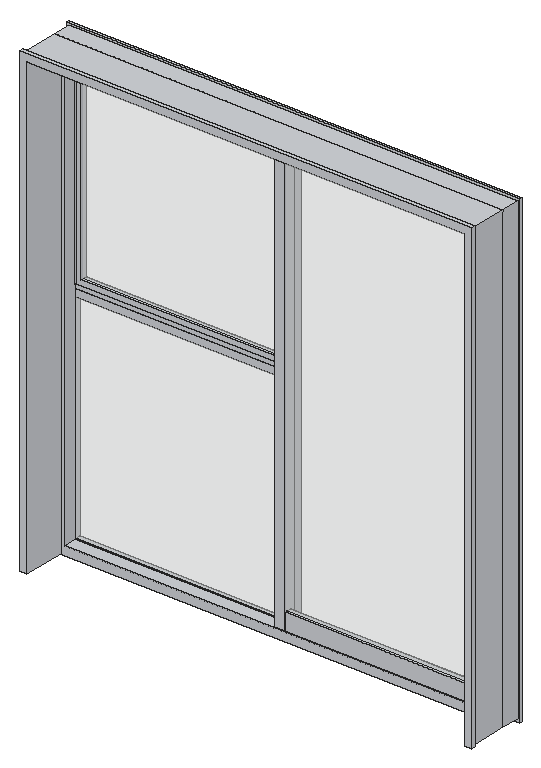
Revit family "APL Residential Thermal Heart Sliding Door SF with Sidelight", category Doors, host Wall, Revit 2017 (continued)
Definition of nested family "APL Residential Thermal Heart Sliding Door SF with Sidelight Horizontal Section"
  Definition of nested family "Jamb&Sash"
    Definition of nested family "65400_Jamb Fixed"
      Lines and regions (mm)
        detail lines, in view "Ref. Level"
          curve 172: line (70, 0, 0) -> (42.7, 0, 0)
          curve 173: line (42.5, 0.2, 0) -> (42.5, 1.75, 0)
          curve 174: line (43.5, 1.75, 0) -> (43.5, 1.2, 0)
          curve 175: line (43.7, 1, 0) -> (44.8, 1, 0)
          curve 176: line (45, 1.2, 0) -> (45, 6.3, 0)
          curve 177: line (44.8, 6.5, 0) -> (43.7, 6.5, 0)
          curve 178: line (43.5, 6.3, 0) -> (43.5, 5.75, 0)
          curve 179: line (42.5, 5.75, 0) -> (42.5, 6.5, 0)
          curve 180: line (43.5, 7.5, 0) -> (44.395, 7.5, 0)
          curve 181: line (44.6, 7.7, 0) -> (44.6, 18.8, 0)
          curve 182: line (44.395, 19, 0) -> (34.3, 19, 0)
          curve 183: line (34.3, 19, 0) -> (33.9, 19.4, 0)
          curve 184: line (33.9, 19.4, 0) -> (33.5, 19, 0)
          curve 185: line (33.5, 19, 0) -> (26.583, 19, 0)
          curve 186: line (25.813, 18.732, 0) -> (24.403, 18.218, 0)
          curve 187: line (24.001, 18.526, 0) -> (24.208, 20.892, 0)
          curve 188: line (24.295, 21.078, 0) -> (24.659, 21.441, 0)
          curve 189: line (24.993, 21.352, 0) -> (25.038, 21.184, 0)
          curve 190: line (25.179, 21.043, 0) -> (27.312, 20.472, 0)
          curve 191: line (27.5, 21.247, 0) -> (27.5, 24.475, 0)
          curve 192: line (27.5, 24.5, 0) -> (27.694, 25.25, 0)
          curve 193: line (27.5, 25.5, 0) -> (26.979, 25.5, 0)
          curve 194: line (26.823, 25.456, 0) -> (25.569, 24.691, 0)
          curve 195: line (25, 24.55, 0) -> (25, 26.126, 0)
          curve 196: line (25.479, 26.979, 0) -> (26.284, 27.471, 0)
          curve 197: line (26.389, 27.5, 0) -> (27.5, 27.5, 0)
          curve 198: line (27.5, 27.5, 0) -> (27.5, 34.3, 0)
          curve 199: arc (27.5, 34.3, 0) -> (27.447, 34.435, 0) -> (27.317, 34.499, 0) r 0.2
          curve 200: arc (70.2, 32.6, 0) -> (70.317, 32.883, 0) -> (70.6, 33, 0) r 0.4
          curve 201: arc (70.893, 33, 0) -> (70.996, 32.986, 0) -> (71.093, 32.946, 0) r 0.4
          curve 202: arc (72.621, 32.061, 0) -> (72.911, 31.941, 0) -> (73.222, 31.9, 0) r 1.2
          curve 203: arc (74.145, 31.9, 0) -> (74.718, 31.719, 0) -> (75.084, 31.242, 0) r 1
          curve 204: arc (75.877, 29.063, 0) -> (76.024, 28.872, 0) -> (76.253, 28.8, 0) r 0.4
          curve 205: arc (78.947, 28.8, 0) -> (79.176, 28.872, 0) -> (79.323, 29.063, 0) r 0.4
          curve 206: arc (80.116, 31.242, 0) -> (80.482, 31.719, 0) -> (81.055, 31.9, 0) r 1
          curve 207: arc (81.978, 31.9, 0) -> (82.289, 31.941, 0) -> (82.579, 32.061, 0) r 1.2
          curve 208: arc (84.107, 32.946, 0) -> (84.204, 32.986, 0) -> (84.307, 33, 0) r 0.4
          curve 209: arc (84.6, 33, 0) -> (84.883, 32.883, 0) -> (85, 32.6, 0) r 0.4
          curve 210: arc (85, 29.2, 0) -> (84.883, 28.917, 0) -> (84.6, 28.8, 0) r 0.4
          curve 211: arc (84.307, 28.8, 0) -> (84.204, 28.814, 0) -> (84.107, 28.854, 0) r 0.4
          curve 212: arc (82.579, 29.739, 0) -> (82.285, 29.86, 0) -> (81.97, 29.9, 0) r 1.2
          curve 213: arc (81.97, 29.9, 0) -> (81.795, 29.847, 0) -> (81.684, 29.703, 0) r 0.3
          curve 214: arc (80.796, 27.263, 0) -> (80.649, 27.072, 0) -> (80.42, 27, 0) r 0.4
          curve 215: arc (74.78, 27, 0) -> (74.551, 27.072, 0) -> (74.404, 27.263, 0) r 0.4
          curve 216: arc (73.516, 29.703, 0) -> (73.405, 29.847, 0) -> (73.23, 29.9, 0) r 0.3
          curve 217: arc (73.23, 29.9, 0) -> (72.915, 29.86, 0) -> (72.621, 29.739, 0) r 1.2
          curve 218: arc (71.093, 28.854, 0) -> (70.996, 28.814, 0) -> (70.893, 28.8, 0) r 0.4
          curve 219: arc (70.6, 28.8, 0) -> (70.317, 28.917, 0) -> (70.2, 29.2, 0) r 0.4
          curve 220: line (70.6, 33, 0) -> (70.893, 33, 0)
          curve 221: line (71.093, 32.946, 0) -> (72.621, 32.061, 0)
          curve 222: line (73.222, 31.9, 0) -> (74.145, 31.9, 0)
          curve 223: line (75.084, 31.242, 0) -> (75.877, 29.063, 0)
          curve 224: line (76.253, 28.8, 0) -> (78.947, 28.8, 0)
          curve 225: line (79.323, 29.063, 0) -> (80.116, 31.242, 0)
          curve 226: line (81.055, 31.9, 0) -> (81.978, 31.9, 0)
          curve 227: line (82.579, 32.061, 0) -> (84.107, 32.946, 0)
          curve 228: line (84.307, 33, 0) -> (84.6, 33, 0)
          curve 229: line (85, 32.6, 0) -> (85, 29.2, 0)
          curve 230: line (84.6, 28.8, 0) -> (84.307, 28.8, 0)
          curve 231: line (84.107, 28.854, 0) -> (82.579, 29.739, 0)
          curve 232: line (81.684, 29.703, 0) -> (80.796, 27.263, 0)
          curve 233: line (80.42, 27, 0) -> (74.78, 27, 0)
          curve 234: line (74.404, 27.263, 0) -> (73.516, 29.703, 0)
          curve 235: line (72.621, 29.739, 0) -> (71.093, 28.854, 0)
          curve 236: line (70.893, 28.8, 0) -> (70.6, 28.8, 0)
          curve 237: line (70.2, 29.2, 0) -> (70.2, 32.6, 0)
          curve 238: arc (70.2, 37.4, 0) -> (70.317, 37.117, 0) -> (70.6, 37, 0) r 0.4
          curve 239: arc (70.893, 37, 0) -> (70.996, 37.014, 0) -> (71.093, 37.054, 0) r 0.4
          curve 240: arc (72.621, 37.939, 0) -> (72.911, 38.059, 0) -> (73.222, 38.1, 0) r 1.2
          curve 241: arc (74.145, 38.1, 0) -> (74.718, 38.281, 0) -> (75.084, 38.758, 0) r 1
          curve 242: arc (75.877, 40.937, 0) -> (76.024, 41.128, 0) -> (76.253, 41.2, 0) r 0.4
          curve 243: arc (78.947, 41.2, 0) -> (79.176, 41.128, 0) -> (79.323, 40.937, 0) r 0.4
          curve 244: arc (80.116, 38.758, 0) -> (80.482, 38.281, 0) -> (81.055, 38.1, 0) r 1
          curve 245: arc (81.978, 38.1, 0) -> (82.289, 38.059, 0) -> (82.579, 37.939, 0) r 1.2
          curve 246: arc (84.107, 37.054, 0) -> (84.204, 37.014, 0) -> (84.307, 37, 0) r 0.4
          curve 247: arc (84.6, 37, 0) -> (84.883, 37.117, 0) -> (85, 37.4, 0) r 0.4
          curve 248: arc (85, 40.8, 0) -> (84.883, 41.083, 0) -> (84.6, 41.2, 0) r 0.4
          curve 249: arc (84.307, 41.2, 0) -> (84.204, 41.186, 0) -> (84.107, 41.146, 0) r 0.4
          curve 250: arc (82.579, 40.262, 0) -> (82.285, 40.14, 0) -> (81.97, 40.1, 0) r 1.2
          curve 251: arc (81.97, 40.1, 0) -> (81.795, 40.153, 0) -> (81.684, 40.297, 0) r 0.3
          curve 252: arc (80.796, 42.737, 0) -> (80.649, 42.928, 0) -> (80.42, 43, 0) r 0.4
          curve 253: arc (74.78, 43, 0) -> (74.551, 42.928, 0) -> (74.404, 42.737, 0) r 0.4
          curve 254: arc (73.516, 40.297, 0) -> (73.405, 40.153, 0) -> (73.23, 40.1, 0) r 0.3
          curve 255: arc (73.23, 40.1, 0) -> (72.915, 40.14, 0) -> (72.621, 40.262, 0) r 1.2
          curve 256: arc (71.093, 41.146, 0) -> (70.996, 41.186, 0) -> (70.893, 41.2, 0) r 0.4
          curve 257: arc (70.6, 41.2, 0) -> (70.317, 41.083, 0) -> (70.2, 40.8, 0) r 0.4
          curve 258: line (70.6, 37, 0) -> (70.893, 37, 0)
          curve 259: line (71.093, 37.054, 0) -> (72.621, 37.939, 0)
          curve 260: line (73.222, 38.1, 0) -> (74.145, 38.1, 0)
          curve 261: line (75.084, 38.758, 0) -> (75.877, 40.937, 0)
          curve 262: line (76.253, 41.2, 0) -> (78.947, 41.2, 0)
          curve 263: line (79.323, 40.937, 0) -> (80.116, 38.758, 0)
          curve 264: line (81.055, 38.1, 0) -> (81.978, 38.1, 0)
          curve 265: line (82.579, 37.939, 0) -> (84.107, 37.054, 0)
          curve 266: line (84.307, 37, 0) -> (84.6, 37, 0)
          curve 267: line (85, 37.4, 0) -> (85, 40.8, 0)
          curve 268: line (84.6, 41.2, 0) -> (84.307, 41.2, 0)
          curve 269: line (84.107, 41.146, 0) -> (82.579, 40.262, 0)
          curve 270: line (81.684, 40.297, 0) -> (80.796, 42.737, 0)
          curve 271: line (80.42, 43, 0) -> (74.78, 43, 0)
          curve 272: line (74.404, 42.737, 0) -> (73.516, 40.297, 0)
          curve 273: line (72.621, 40.262, 0) -> (71.093, 41.146, 0)
          curve 274: line (70.893, 41.2, 0) -> (70.6, 41.2, 0)
          curve 275: line (70.2, 40.8, 0) -> (70.2, 37.4, 0)
          curve 276: arc (113.4, 7.123, 0) -> (113.327, 7.05, 0) -> (113.3, 6.95, 0) r 0.2
          curve 277: arc (113.3, 2.75, 0) -> (113.327, 2.65, 0) -> (113.4, 2.577, 0) r 0.2
          curve 278: arc (113.4, 2.577, 0) -> (113.473, 2.504, 0) -> (113.5, 2.404, 0) r 0.2
          curve 279: arc (113.5, 1.2, 0) -> (113.441, 1.059, 0) -> (113.3, 1, 0) r 0.2
          curve 280: arc (111.701, 1, 0) -> (111.559, 1.058, 0) -> (111.5, 1.2, 0) r 0.2
          curve 281: arc (111.5, 2.05, 0) -> (111, 2.549, 0) -> (110.5, 2.05, 0) r 0.5
          curve 282: arc (110.5, 0.5, 0) -> (110.646, 0.146, 0) -> (111, 0, 0) r 0.499
          curve 283: arc (114.5, 0, 0) -> (114.847, 0.153, 0) -> (115, 0.5, 0) r 0.523
          curve 284: arc (115, 21.5, 0) -> (114.856, 21.856, 0) -> (114.5, 22, 0) r 0.493
          curve 285: arc (111.7, 22, 0) -> (111.558, 22.058, 0) -> (111.5, 22.2, 0) r 0.199
          curve 286: arc (111.5, 29.801, 0) -> (110.852, 31.441, 0) -> (109.258, 32.195, 0) r 2.399
          curve 287: arc (109.258, 32.195, 0) -> (108.878, 32.412, 0) -> (108.814, 32.844, 0) r 0.5
          curve 288: arc (108.814, 32.844, 0) -> (109, 34.047, 0) -> (108.816, 35.25, 0) r 4
          curve 289: arc (108.816, 35.25, 0) -> (108.89, 35.696, 0) -> (109.293, 35.9, 0) r 0.5
          curve 290: arc (109.5, 35.9, 0) -> (110.914, 36.486, 0) -> (111.5, 37.9, 0) r 2.001
          curve 291: arc (120.75, 41.5, 0) -> (121.501, 42.253, 0) -> (120.745, 43, 0) r 0.75
          curve 292: arc (111.5, 43, 0) -> (110.439, 42.561, 0) -> (110, 41.5, 0) r 1.5
          curve 293: arc (110, 38, 0) -> (109.941, 37.859, 0) -> (109.8, 37.8, 0) r 0.2
          curve 294: arc (100.5, 37.8, 0) -> (100.146, 37.654, 0) -> (100, 37.3, 0) r 0.5
          curve 295: arc (100, 36.8, 0) -> (100.146, 36.446, 0) -> (100.5, 36.3, 0) r 0.5
          curve 296: arc (101.927, 36.3, 0) -> (102.266, 36.167, 0) -> (102.426, 35.84, 0) r 0.5
          curve 297: arc (102.426, 35.84, 0) -> (102.912, 35.197, 0) -> (103.7, 35.366, 0) r 0.75
          curve 298: arc (103.7, 35.366, 0) -> (105, 35.9, 0) -> (106.3, 35.366, 0) r 1.85
          curve 299: arc (106.3, 35.366, 0) -> (106.442, 35.256, 0) -> (106.607, 35.183, 0) r 0.75
          curve 300: arc (106.607, 35.183, 0) -> (106.791, 35.08, 0) -> (106.916, 34.91, 0) r 0.5
          curve 301: arc (106.916, 34.91, 0) -> (107.1, 34.05, 0) -> (106.916, 33.19, 0) r 2.1
          curve 302: arc (106.916, 33.19, 0) -> (106.791, 33.02, 0) -> (106.607, 32.917, 0) r 0.5
          curve 303: arc (106.607, 32.917, 0) -> (106.442, 32.844, 0) -> (106.3, 32.734, 0) r 0.75
          curve 304: arc (106.3, 32.734, 0) -> (105, 32.2, 0) -> (103.7, 32.734, 0) r 1.85
          curve 305: arc (103.7, 32.734, 0) -> (103.027, 32.936, 0) -> (102.482, 32.491, 0) r 0.75
          curve 306: arc (102.482, 32.491, 0) -> (102.32, 32.284, 0) -> (102.075, 32.188, 0) r 0.5
          curve 307: arc (102.075, 32.188, 0) -> (101.154, 31.86, 0) -> (100.481, 31.15, 0) r 2.1
          curve 308: arc (100.481, 31.15, 0) -> (100.298, 30.967, 0) -> (100.048, 30.9, 0) r 0.5
          curve 309: arc (91.556, 30.9, 0) -> (91.287, 30.978, 0) -> (91.103, 31.188, 0) r 0.5
          curve 310: arc (91.103, 31.188, 0) -> (90.328, 32.071, 0) -> (89.2, 32.4, 0) r 2.1
          curve 311: arc (87.9, 32.4, 0) -> (87.193, 32.693, 0) -> (86.9, 33.4, 0) r 1
          curve 312: arc (86.9, 42.5, 0) -> (86.754, 42.854, 0) -> (86.4, 43, 0) r 0.5
          curve 313: arc (84.083, 43, 0) -> (83.778, 42.801, 0) -> (83.505, 43.043, 0) r 0.3
          curve 314: arc (83.505, 43.043, 0) -> (83.439, 43.181, 0) -> (83.313, 43.268, 0) r 0.3
          curve 315: arc (81.903, 43.782, 0) -> (81.617, 43.738, 0) -> (81.501, 43.474, 0) r 0.3
          curve 316: arc (81.708, 41.108, 0) -> (81.735, 41.008, 0) -> (81.795, 40.922, 0) r 0.3
          curve 317: arc (82.159, 40.559, 0) -> (82.352, 40.507, 0) -> (82.493, 40.648, 0) r 0.2
          curve 318: arc (82.538, 40.816, 0) -> (82.59, 40.905, 0) -> (82.679, 40.957, 0) r 0.2
          curve 319: arc (84.822, 41.49, 0) -> (85.164, 41.343, 0) -> (85.1, 40.976, 0) r 0.3
          curve 320: arc (85.1, 40.976, 0) -> (85.026, 40.875, 0) -> (85, 40.753, 0) r 0.3
          curve 321: arc (85.194, 36.75, 0) -> (85.158, 36.578, 0) -> (85, 36.5, 0) r 0.2
          curve 322: arc (84.479, 36.5, 0) -> (84.398, 36.511, 0) -> (84.323, 36.544, 0) r 0.3
          curve 323: arc (83.069, 37.309, 0) -> (83.063, 37.502, 0) -> (82.92, 37.633, 0) r 0.25
          curve 324: arc (82.92, 37.633, 0) -> (82.65, 37.679, 0) -> (82.5, 37.45, 0) r 0.25
          curve 325: arc (82.5, 35.874, 0) -> (82.582, 35.477, 0) -> (82.815, 35.146, 0) r 1
          curve 326: arc (82.815, 35.146, 0) -> (82.878, 35, 0) -> (82.815, 34.854, 0) r 0.2
          curve 327: arc (82.815, 34.854, 0) -> (82.582, 34.523, 0) -> (82.5, 34.126, 0) r 1
          curve 328: arc (82.5, 32.55, 0) -> (82.628, 32.332, 0) -> (82.88, 32.337, 0) r 0.25
          curve 329: arc (82.966, 32.389, 0) -> (83.072, 32.521, 0) -> (83.069, 32.691, 0) r 0.25
          curve 330: arc (84.323, 33.456, 0) -> (84.398, 33.489, 0) -> (84.479, 33.5, 0) r 0.3
          curve 331: arc (85, 33.5, 0) -> (85.158, 33.423, 0) -> (85.194, 33.25, 0) r 0.2
          curve 332: arc (85, 29.247, 0) -> (85.026, 29.125, 0) -> (85.1, 29.024, 0) r 0.3
          curve 333: arc (85.1, 29.024, 0) -> (85.164, 28.657, 0) -> (84.822, 28.51, 0) r 0.3
          curve 334: arc (82.679, 29.043, 0) -> (82.59, 29.095, 0) -> (82.538, 29.184, 0) r 0.2
          curve 335: arc (82.493, 29.352, 0) -> (82.352, 29.493, 0) -> (82.159, 29.441, 0) r 0.2
          curve 336: arc (81.795, 29.078, 0) -> (81.735, 28.992, 0) -> (81.708, 28.892, 0) r 0.3
          curve 337: arc (81.501, 26.526, 0) -> (81.617, 26.262, 0) -> (81.903, 26.218, 0) r 0.3
          curve 338: arc (83.313, 26.732, 0) -> (83.439, 26.819, 0) -> (83.505, 26.957, 0) r 0.3
          curve 339: arc (83.505, 26.957, 0) -> (83.778, 27.199, 0) -> (84.083, 27, 0) r 0.3
          curve 340: arc (86.7, 27, 0) -> (86.841, 27.059, 0) -> (86.9, 27.2, 0) r 0.2
          curve 341: arc (86.9, 30.3, 0) -> (86.959, 30.441, 0) -> (87.1, 30.5, 0) r 0.2
          curve 342: arc (89.2, 30.5, 0) -> (89.341, 30.441, 0) -> (89.4, 30.3, 0) r 0.2
          curve 343: arc (89.4, 29.2, 0) -> (89.459, 29.059, 0) -> (89.6, 29, 0) r 0.2
          curve 344: arc (101.9, 29, 0) -> (102.042, 29.059, 0) -> (102.1, 29.2, 0) r 0.2
          curve 345: arc (102.1, 30.1, 0) -> (102.159, 30.241, 0) -> (102.3, 30.3, 0) r 0.2
          curve 346: arc (109.1, 30.3, 0) -> (109.454, 30.154, 0) -> (109.6, 29.8, 0) r 0.5
          curve 347: arc (109.6, 28.5, 0) -> (109.541, 28.359, 0) -> (109.4, 28.3, 0) r 0.2
          curve 348: arc (107.3, 28.3, 0) -> (107.159, 28.241, 0) -> (107.1, 28.1, 0) r 0.2
          curve 349: arc (107.1, 27.2, 0) -> (107.159, 27.059, 0) -> (107.3, 27, 0) r 0.2
          curve 350: arc (109.5, 27, 0) -> (109.854, 26.854, 0) -> (110, 26.5, 0) r 0.5
          curve 351: arc (110, 20.2, 0) -> (110.146, 19.846, 0) -> (110.5, 19.7, 0) r 0.5
          curve 352: arc (111.3, 19.7, 0) -> (111.441, 19.759, 0) -> (111.5, 19.9, 0) r 0.2
          curve 353: arc (113.3, 20.7, 0) -> (113.441, 20.641, 0) -> (113.5, 20.5, 0) r 0.2
          curve 354: arc (113.5, 15.6, 0) -> (113.1, 15.2, 0) -> (113.5, 14.8, 0) r 0.4
          curve 355: arc (113.5, 9.9, 0) -> (113.441, 9.759, 0) -> (113.3, 9.7, 0) r 0.2
          curve 356: arc (111.5, 10.3, 0) -> (111.383, 10.583, 0) -> (111.1, 10.7, 0) r 0.4
          curve 357: arc (111, 10.7, 0) -> (110.646, 10.553, 0) -> (110.5, 10.2, 0) r 0.5
          curve 358: arc (110.5, 7.65, 0) -> (111, 7.15, 0) -> (111.5, 7.65, 0) r 0.5
          curve 359: arc (111.5, 8.5, 0) -> (111.559, 8.641, 0) -> (111.7, 8.7, 0) r 0.2
          curve 360: arc (113.3, 8.7, 0) -> (113.441, 8.641, 0) -> (113.5, 8.5, 0) r 0.2
          curve 361: line (113.3, 6.95, 0) -> (113.3, 2.75, 0)
          curve 362: line (113.5, 2.404, 0) -> (113.5, 1.2, 0)
          curve 363: line (113.3, 1, 0) -> (111.701, 1, 0)
          curve 364: line (111.5, 1.2, 0) -> (111.5, 2.05, 0)
          curve 365: line (110.5, 2.05, 0) -> (110.5, 0.5, 0)
          curve 366: line (111, 0, 0) -> (114.5, 0, 0)
          curve 367: line (115, 0.5, 0) -> (115, 21.5, 0)
          curve 368: line (114.5, 22, 0) -> (111.7, 22, 0)
          curve 369: line (111.5, 22.2, 0) -> (111.5, 29.801, 0)
          curve 370: line (109.293, 35.9, 0) -> (109.5, 35.9, 0)
          curve 371: line (111.5, 37.9, 0) -> (111.5, 41.5, 0)
          curve 372: line (111.5, 41.5, 0) -> (120.75, 41.5, 0)
          curve 373: line (120.745, 43, 0) -> (119, 43, 0)
          curve 374: line (119, 43, 0) -> (118.6, 42.6, 0)
          curve 375: line (118.6, 42.6, 0) -> (112.3, 42.6, 0)
          curve 376: line (112.3, 42.6, 0) -> (111.9, 43, 0)
          curve 377: line (111.9, 43, 0) -> (111.5, 43, 0)
          curve 378: line (110, 41.5, 0) -> (110, 38, 0)
          curve 379: line (109.8, 37.8, 0) -> (100.5, 37.8, 0)
          curve 380: line (100, 37.3, 0) -> (100, 36.8, 0)
          curve 381: line (100.5, 36.3, 0) -> (101.927, 36.3, 0)
          curve 382: line (100.048, 30.9, 0) -> (91.556, 30.9, 0)
          curve 383: line (89.2, 32.4, 0) -> (87.9, 32.4, 0)
          curve 384: line (86.9, 33.4, 0) -> (86.9, 42.5, 0)
          curve 385: line (86.4, 43, 0) -> (84.083, 43, 0)
          curve 386: line (83.313, 43.268, 0) -> (81.903, 43.782, 0)
          curve 387: line (81.501, 43.474, 0) -> (81.708, 41.108, 0)
          curve 388: line (81.795, 40.922, 0) -> (82.159, 40.559, 0)
          curve 389: line (82.493, 40.648, 0) -> (82.538, 40.816, 0)
          curve 390: line (82.679, 40.957, 0) -> (84.812, 41.528, 0)
          curve 391: line (85, 40.753, 0) -> (85, 37.525, 0)
          curve 392: line (85, 37.5, 0) -> (85.194, 36.75, 0)
          curve 393: line (85, 36.5, 0) -> (84.479, 36.5, 0)
          curve 394: line (84.323, 36.544, 0) -> (83.069, 37.309, 0)
          curve 395: line (82.5, 37.45, 0) -> (82.5, 35.874, 0)
          curve 396: line (82.5, 34.126, 0) -> (82.5, 32.55, 0)
          curve 397: line (83.069, 32.691, 0) -> (84.323, 33.456, 0)
          curve 398: line (84.479, 33.5, 0) -> (85, 33.5, 0)
          curve 399: line (85.194, 33.25, 0) -> (85, 32.5, 0)
          curve 400: line (85, 32.475, 0) -> (85, 29.248, 0)
          curve 401: line (84.812, 28.472, 0) -> (82.679, 29.043, 0)
          curve 402: line (82.538, 29.184, 0) -> (82.493, 29.352, 0)
          curve 403: line (82.159, 29.441, 0) -> (81.795, 29.078, 0)
          curve 404: line (81.708, 28.892, 0) -> (81.501, 26.526, 0)
          curve 405: line (81.903, 26.218, 0) -> (83.313, 26.732, 0)
          curve 406: line (84.083, 27, 0) -> (86.7, 27, 0)
          curve 407: line (86.9, 27.2, 0) -> (86.9, 30.3, 0)
          curve 408: line (87.1, 30.5, 0) -> (89.2, 30.5, 0)
          curve 409: line (89.4, 30.3, 0) -> (89.4, 29.2, 0)
          curve 410: line (89.6, 29, 0) -> (95.4, 29, 0)
          curve 411: line (95.4, 29, 0) -> (95.8, 29.4, 0)
          curve 412: line (95.8, 29.4, 0) -> (96.2, 29, 0)
          curve 413: line (96.2, 29, 0) -> (101.9, 29, 0)
          curve 414: line (102.1, 29.2, 0) -> (102.1, 30.1, 0)
          curve 415: line (102.3, 30.3, 0) -> (109.1, 30.3, 0)
          curve 416: line (109.6, 29.8, 0) -> (109.6, 28.5, 0)
          curve 417: line (109.4, 28.3, 0) -> (107.3, 28.3, 0)
          curve 418: line (107.1, 28.1, 0) -> (107.1, 27.2, 0)
          curve 419: line (107.3, 27, 0) -> (109.5, 27, 0)
          curve 420: line (110, 26.5, 0) -> (110, 20.2, 0)
          curve 421: line (110.5, 19.7, 0) -> (111.3, 19.7, 0)
          curve 422: line (111.5, 19.9, 0) -> (111.5, 20.7, 0)
          curve 423: line (111.5, 20.7, 0) -> (113.3, 20.7, 0)
          curve 424: line (113.5, 20.5, 0) -> (113.5, 15.6, 0)
          curve 425: line (113.5, 14.8, 0) -> (113.5, 9.9, 0)
          curve 426: line (113.3, 9.7, 0) -> (111.5, 9.7, 0)
          curve 427: line (111.5, 9.7, 0) -> (111.5, 10.3, 0)
          curve 428: line (110.5, 10.2, 0) -> (110.5, 7.65, 0)
          curve 429: line (111.5, 7.65, 0) -> (111.5, 8.5, 0)
          curve 430: line (111.7, 8.7, 0) -> (113.3, 8.7, 0)
          curve 431: line (113.5, 8.5, 0) -> (113.5, 7.296, 0)
          curve 432: arc (113.5, 7.296, 0) -> (113.473, 7.196, 0) -> (113.4, 7.123, 0) r 0.2
          curve 433: arc (12.7, 24.6, 0) -> (12.817, 24.883, 0) -> (13.1, 25, 0) r 0.4
          curve 434: arc (13.393, 25, 0) -> (13.496, 24.986, 0) -> (13.593, 24.946, 0) r 0.4
          curve 435: arc (15.121, 24.062, 0) -> (15.411, 23.941, 0) -> (15.722, 23.9, 0) r 1.2
          curve 436: arc (16.645, 23.9, 0) -> (17.218, 23.719, 0) -> (17.584, 23.242, 0) r 1
          curve 437: arc (18.377, 21.063, 0) -> (18.524, 20.872, 0) -> (18.753, 20.8, 0) r 0.4
          curve 438: arc (21.447, 20.8, 0) -> (21.676, 20.872, 0) -> (21.823, 21.063, 0) r 0.4
          curve 439: arc (22.616, 23.242, 0) -> (22.982, 23.719, 0) -> (23.555, 23.9, 0) r 1
          curve 440: arc (24.478, 23.9, 0) -> (24.789, 23.941, 0) -> (25.079, 24.062, 0) r 1.2
          curve 441: arc (26.607, 24.946, 0) -> (26.704, 24.986, 0) -> (26.807, 25, 0) r 0.4
          curve 442: arc (27.1, 25, 0) -> (27.383, 24.883, 0) -> (27.5, 24.6, 0) r 0.4
          curve 443: arc (27.5, 21.2, 0) -> (27.383, 20.917, 0) -> (27.1, 20.8, 0) r 0.4
          curve 444: arc (26.807, 20.8, 0) -> (26.704, 20.814, 0) -> (26.607, 20.854, 0) r 0.4
          curve 445: arc (25.079, 21.739, 0) -> (24.785, 21.86, 0) -> (24.47, 21.9, 0) r 1.2
          curve 446: arc (24.47, 21.9, 0) -> (24.295, 21.847, 0) -> (24.184, 21.703, 0) r 0.3
          curve 447: arc (23.296, 19.263, 0) -> (23.149, 19.072, 0) -> (22.92, 19, 0) r 0.4
          curve 448: arc (17.28, 19, 0) -> (17.051, 19.072, 0) -> (16.904, 19.263, 0) r 0.4
          curve 449: arc (16.016, 21.703, 0) -> (15.905, 21.847, 0) -> (15.73, 21.9, 0) r 0.3
          curve 450: arc (15.73, 21.9, 0) -> (15.415, 21.86, 0) -> (15.121, 21.739, 0) r 1.2
          curve 451: arc (13.593, 20.854, 0) -> (13.496, 20.814, 0) -> (13.393, 20.8, 0) r 0.4
          curve 452: arc (13.1, 20.8, 0) -> (12.817, 20.917, 0) -> (12.7, 21.2, 0) r 0.4
          curve 453: line (13.1, 25, 0) -> (13.393, 25, 0)
          curve 454: line (13.593, 24.946, 0) -> (15.121, 24.062, 0)
          curve 455: line (15.722, 23.9, 0) -> (16.645, 23.9, 0)
          curve 456: line (17.584, 23.242, 0) -> (18.377, 21.063, 0)
          curve 457: line (18.753, 20.8, 0) -> (21.447, 20.8, 0)
          curve 458: line (21.823, 21.063, 0) -> (22.616, 23.242, 0)
          curve 459: line (23.555, 23.9, 0) -> (24.478, 23.9, 0)
          curve 460: line (25.079, 24.062, 0) -> (26.607, 24.946, 0)
          curve 461: line (26.807, 25, 0) -> (27.1, 25, 0)
          curve 462: line (27.5, 24.6, 0) -> (27.5, 21.2, 0)
          curve 463: line (27.1, 20.8, 0) -> (26.807, 20.8, 0)
          curve 464: line (26.607, 20.854, 0) -> (25.079, 21.739, 0)
          curve 465: line (24.184, 21.703, 0) -> (23.296, 19.263, 0)
          curve 466: line (22.92, 19, 0) -> (17.28, 19, 0)
          curve 467: line (16.904, 19.263, 0) -> (16.016, 21.703, 0)
          curve 468: line (15.121, 21.739, 0) -> (13.593, 20.854, 0)
          curve 469: line (13.393, 20.8, 0) -> (13.1, 20.8, 0)
          curve 470: line (12.7, 21.2, 0) -> (12.7, 24.6, 0)
          curve 471: arc (12.7, 40.8, 0) -> (12.817, 41.083, 0) -> (13.1, 41.2, 0) r 0.4
          curve 472: arc (13.393, 41.2, 0) -> (13.496, 41.186, 0) -> (13.593, 41.146, 0) r 0.4
          curve 473: arc (15.121, 40.262, 0) -> (15.411, 40.141, 0) -> (15.722, 40.1, 0) r 1.2
          curve 474: arc (16.645, 40.1, 0) -> (17.218, 39.919, 0) -> (17.584, 39.442, 0) r 1
          curve 475: arc (18.377, 37.263, 0) -> (18.524, 37.072, 0) -> (18.753, 37, 0) r 0.4
          curve 476: arc (21.447, 37, 0) -> (21.676, 37.072, 0) -> (21.823, 37.263, 0) r 0.4
          curve 477: arc (22.616, 39.442, 0) -> (22.982, 39.919, 0) -> (23.555, 40.1, 0) r 1
          curve 478: arc (24.478, 40.1, 0) -> (24.789, 40.141, 0) -> (25.079, 40.262, 0) r 1.2
          curve 479: arc (26.607, 41.146, 0) -> (26.704, 41.186, 0) -> (26.807, 41.2, 0) r 0.4
          curve 480: arc (27.1, 41.2, 0) -> (27.383, 41.083, 0) -> (27.5, 40.8, 0) r 0.4
          curve 481: arc (27.5, 37.4, 0) -> (27.383, 37.117, 0) -> (27.1, 37, 0) r 0.4
          curve 482: arc (26.807, 37, 0) -> (26.704, 37.014, 0) -> (26.607, 37.054, 0) r 0.4
          curve 483: arc (25.079, 37.939, 0) -> (24.785, 38.06, 0) -> (24.47, 38.1, 0) r 1.2
          curve 484: arc (24.47, 38.1, 0) -> (24.295, 38.047, 0) -> (24.184, 37.903, 0) r 0.3
          curve 485: arc (23.296, 35.463, 0) -> (23.149, 35.272, 0) -> (22.92, 35.2, 0) r 0.4
          curve 486: arc (17.28, 35.2, 0) -> (17.051, 35.272, 0) -> (16.904, 35.463, 0) r 0.4
          curve 487: arc (16.016, 37.903, 0) -> (15.905, 38.047, 0) -> (15.73, 38.1, 0) r 0.3
          curve 488: arc (15.73, 38.1, 0) -> (15.415, 38.06, 0) -> (15.121, 37.939, 0) r 1.2
          curve 489: arc (13.593, 37.054, 0) -> (13.496, 37.014, 0) -> (13.393, 37, 0) r 0.4
          curve 490: arc (13.1, 37, 0) -> (12.817, 37.117, 0) -> (12.7, 37.4, 0) r 0.4
          curve 491: line (13.1, 41.2, 0) -> (13.393, 41.2, 0)
          curve 492: line (13.593, 41.146, 0) -> (15.121, 40.262, 0)
          curve 493: line (15.722, 40.1, 0) -> (16.645, 40.1, 0)
          curve 494: line (17.584, 39.442, 0) -> (18.377, 37.263, 0)
          curve 495: line (18.753, 37, 0) -> (21.447, 37, 0)
          curve 496: line (21.823, 37.263, 0) -> (22.616, 39.442, 0)
          curve 497: line (23.555, 40.1, 0) -> (24.478, 40.1, 0)
          curve 498: line (25.079, 40.262, 0) -> (26.607, 41.146, 0)
          curve 499: line (26.807, 41.2, 0) -> (27.1, 41.2, 0)
          curve 500: line (27.5, 40.8, 0) -> (27.5, 37.4, 0)
          curve 501: line (27.1, 37, 0) -> (26.807, 37, 0)
          curve 502: line (26.607, 37.054, 0) -> (25.079, 37.939, 0)
          curve 503: line (24.184, 37.903, 0) -> (23.296, 35.463, 0)
          curve 504: line (22.92, 35.2, 0) -> (17.28, 35.2, 0)
          curve 505: line (16.904, 35.463, 0) -> (16.016, 37.903, 0)
          curve 506: line (15.121, 37.939, 0) -> (13.593, 37.054, 0)
          curve 507: line (13.393, 37, 0) -> (13.1, 37, 0)
          curve 508: line (12.7, 37.4, 0) -> (12.7, 40.8, 0)
          curve 509: arc (10.8, 36.502, 0) -> (11.356, 35.157, 0) -> (12.7, 34.6, 0) r 1.9
          curve 510: arc (13.1, 34.6, 0) -> (13.241, 34.541, 0) -> (13.3, 34.4, 0) r 0.2
          curve 511: arc (13.3, 27.6, 0) -> (13.241, 27.459, 0) -> (13.1, 27.4, 0) r 0.2
          curve 512: arc (11, 27.4, 0) -> (10.859, 27.341, 0) -> (10.8, 27.2, 0) r 0.2
          curve 513: arc (10.8, 26.717, 0) -> (10.741, 26.575, 0) -> (10.6, 26.517, 0) r 0.2
          curve 514: arc (1.9, 26.517, 0) -> (1.546, 26.663, 0) -> (1.4, 27.017, 0) r 0.5
          curve 515: arc (1.4, 40.755, 0) -> (1.521, 41.369, 0) -> (1.869, 41.889, 0) r 1.6
          curve 516: arc (6.387, 46.407, 0) -> (6.711, 46.624, 0) -> (7.094, 46.7, 0) r 1
          curve 517: arc (9.8, 46.7, 0) -> (10.507, 46.407, 0) -> (10.8, 45.7, 0) r 1
          curve 518: arc (1.665, 19.379, 0) -> (1.729, 19.478, 0) -> (1.725, 19.597, 0) r 0.2
          curve 519: arc (1.725, 19.597, 0) -> (1.621, 19.766, 0) -> (1.453, 19.873, 0) r 0.45
          curve 520: arc (1.453, 19.873, 0) -> (1.357, 19.948, 0) -> (1.322, 20.064, 0) r 0.2
          curve 521: arc (1.379, 24.919, 0) -> (1.438, 25.059, 0) -> (1.579, 25.117, 0) r 0.2
          curve 522: arc (10.6, 25.117, 0) -> (10.741, 25.058, 0) -> (10.8, 24.917, 0) r 0.2
          curve 523: arc (10.8, 20.828, 0) -> (10.773, 20.728, 0) -> (10.7, 20.655, 0) r 0.2
          curve 524: arc (9.6, 20.02, 0) -> (9.38, 19.8, 0) -> (9.3, 19.5, 0) r 0.6
          curve 525: arc (9.3, 19.2, 0) -> (9.359, 19.059, 0) -> (9.5, 19, 0) r 0.2
          curve 526: arc (13.617, 19, 0) -> (13.922, 19.199, 0) -> (14.195, 18.957, 0) r 0.3
          curve 527: arc (14.195, 18.957, 0) -> (14.261, 18.819, 0) -> (14.387, 18.732, 0) r 0.3
          curve 528: arc (15.797, 18.218, 0) -> (16.083, 18.262, 0) -> (16.199, 18.526, 0) r 0.3
          curve 529: arc (15.992, 20.892, 0) -> (15.965, 20.992, 0) -> (15.905, 21.078, 0) r 0.3
          curve 530: arc (15.541, 21.441, 0) -> (15.348, 21.493, 0) -> (15.207, 21.352, 0) r 0.2
          curve 531: arc (15.162, 21.184, 0) -> (15.11, 21.095, 0) -> (15.021, 21.043, 0) r 0.2
          curve 532: arc (12.878, 20.51, 0) -> (12.536, 20.657, 0) -> (12.6, 21.024, 0) r 0.3
          curve 533: arc (12.6, 21.024, 0) -> (12.674, 21.125, 0) -> (12.7, 21.247, 0) r 0.3
          curve 534: arc (12.506, 25.25, 0) -> (12.542, 25.422, 0) -> (12.7, 25.5, 0) r 0.2
          curve 535: arc (13.221, 25.5, 0) -> (13.302, 25.489, 0) -> (13.377, 25.456, 0) r 0.3
          curve 536: arc (14.631, 24.691, 0) -> (14.637, 24.498, 0) -> (14.78, 24.367, 0) r 0.25
          curve 537: arc (14.78, 24.367, 0) -> (15.05, 24.321, 0) -> (15.2, 24.55, 0) r 0.25
          curve 538: arc (15.2, 34.401, 0) -> (15.259, 34.542, 0) -> (15.4, 34.6, 0) r 0.2
          curve 539: arc (16.479, 34.6, 0) -> (16.643, 34.685, 0) -> (16.667, 34.868, 0) r 0.2
          curve 540: arc (15.775, 37.318, 0) -> (15.702, 37.414, 0) -> (15.587, 37.45, 0) r 0.2
          curve 541: arc (15.353, 37.45, 0) -> (15.248, 37.48, 0) -> (15.174, 37.561, 0) r 0.2
          curve 542: arc (15.174, 37.561, 0) -> (14.995, 37.696, 0) -> (14.78, 37.633, 0) r 0.25
          curve 543: arc (14.78, 37.633, 0) -> (14.637, 37.502, 0) -> (14.631, 37.309, 0) r 0.25
          curve 544: arc (13.377, 36.544, 0) -> (13.302, 36.511, 0) -> (13.221, 36.5, 0) r 0.3
          curve 545: arc (12.7, 36.5, 0) -> (12.542, 36.578, 0) -> (12.506, 36.75, 0) r 0.2
          curve 546: arc (12.7, 40.753, 0) -> (12.674, 40.875, 0) -> (12.6, 40.976, 0) r 0.3
          curve 547: arc (12.6, 40.976, 0) -> (12.536, 41.343, 0) -> (12.878, 41.49, 0) r 0.3
          curve 548: arc (15.021, 40.957, 0) -> (15.11, 40.905, 0) -> (15.162, 40.816, 0) r 0.2
          curve 549: arc (15.207, 40.648, 0) -> (15.348, 40.507, 0) -> (15.541, 40.559, 0) r 0.2
          curve 550: arc (15.905, 40.922, 0) -> (15.965, 41.008, 0) -> (15.992, 41.108, 0) r 0.3
          curve 551: arc (16.199, 43.474, 0) -> (16.083, 43.738, 0) -> (15.797, 43.782, 0) r 0.3
          curve 552: arc (14.387, 43.268, 0) -> (14.261, 43.181, 0) -> (14.195, 43.043, 0) r 0.3
          curve 553: arc (14.195, 43.043, 0) -> (13.922, 42.801, 0) -> (13.617, 43, 0) r 0.3
          curve 554: arc (12.6, 43, 0) -> (12.459, 43.059, 0) -> (12.4, 43.2, 0) r 0.2
          curve 555: arc (12.4, 45.696, 0) -> (11.64, 47.537, 0) -> (9.8, 48.3, 0) r 2.6
          curve 556: arc (7.9, 48.3, 0) -> (7.547, 48.446, 0) -> (7.4, 48.8, 0) r 0.5
          curve 557: arc (7.4, 56.402, 0) -> (7.508, 56.581, 0) -> (7.716, 56.566, 0) r 0.2
          curve 558: arc (7.716, 56.566, 0) -> (8.721, 56.692, 0) -> (8.684, 57.705, 0) r 0.75
          curve 559: arc (8.684, 57.705, 0) -> (8.15, 59.005, 0) -> (8.684, 60.305, 0) r 1.85
          curve 560: arc (8.684, 60.305, 0) -> (8.794, 60.447, 0) -> (8.867, 60.612, 0) r 0.75
          curve 561: arc (8.867, 60.612, 0) -> (8.97, 60.796, 0) -> (9.14, 60.921, 0) r 0.5
          curve 562: arc (9.14, 60.921, 0) -> (10, 61.105, 0) -> (10.86, 60.921, 0) r 2.1
          curve 563: arc (10.86, 60.921, 0) -> (11.03, 60.796, 0) -> (11.133, 60.612, 0) r 0.5
          curve 564: arc (11.133, 60.612, 0) -> (11.206, 60.447, 0) -> (11.316, 60.305, 0) r 0.75
          curve 565: arc (11.316, 60.305, 0) -> (11.85, 59.005, 0) -> (11.316, 57.705, 0) r 1.85
          curve 566: arc (11.316, 57.705, 0) -> (11.323, 56.644, 0) -> (12.384, 56.651, 0) r 0.75
          curve 567: arc (12.384, 56.651, 0) -> (13.348, 58.881, 0) -> (12.551, 61.176, 0) r 3.35
          curve 568: arc (12.551, 61.176, 0) -> (12.478, 61.71, 0) -> (12.932, 62, 0) r 0.5
          curve 569: arc (13.15, 62, 0) -> (13.291, 62.059, 0) -> (13.35, 62.2, 0) r 0.2
          curve 570: arc (13.35, 62.5, 0) -> (13.204, 62.854, 0) -> (12.85, 63, 0) r 0.5
          curve 571: arc (7, 63, 0) -> (6.293, 62.707, 0) -> (6, 62, 0) r 1
          curve 572: arc (6, 49.243, 0) -> (5.772, 48.095, 0) -> (5.121, 47.121, 0) r 3
          curve 573: arc (0.879, 42.879, 0) -> (0.228, 41.905, 0) -> (0, 40.757, 0) r 3
          curve 574: arc (0, 19.2, 0) -> (0.059, 19.059, 0) -> (0.2, 19, 0) r 0.2
          curve 575: line (10.8, 45.7, 0) -> (10.8, 36.502, 0)
          curve 576: line (12.7, 34.6, 0) -> (13.1, 34.6, 0)
          curve 577: line (13.3, 34.4, 0) -> (13.3, 27.6, 0)
          curve 578: line (13.1, 27.4, 0) -> (11, 27.4, 0)
          curve 579: line (10.8, 27.2, 0) -> (10.8, 26.717, 0)
          curve 580: line (10.6, 26.517, 0) -> (1.9, 26.517, 0)
          curve 581: line (1.4, 27.017, 0) -> (1.4, 40.755, 0)
          curve 582: line (1.869, 41.889, 0) -> (6.387, 46.407, 0)
          curve 583: line (7.094, 46.7, 0) -> (9.8, 46.7, 0)
          curve 584: line (1.322, 20.064, 0) -> (1.379, 24.919, 0)
          curve 585: line (1.579, 25.117, 0) -> (10.6, 25.117, 0)
          curve 586: line (10.8, 24.917, 0) -> (10.8, 20.828, 0)
          curve 587: line (10.7, 20.655, 0) -> (9.6, 20.02, 0)
          curve 588: line (9.3, 19.5, 0) -> (9.3, 19.2, 0)
          curve 589: line (9.5, 19, 0) -> (13.617, 19, 0)
          curve 590: line (14.387, 18.732, 0) -> (15.797, 18.218, 0)
          curve 591: line (16.199, 18.526, 0) -> (15.992, 20.892, 0)
          curve 592: line (15.905, 21.078, 0) -> (15.541, 21.441, 0)
          curve 593: line (15.207, 21.352, 0) -> (15.162, 21.184, 0)
          curve 594: line (15.021, 21.043, 0) -> (12.888, 20.472, 0)
          curve 595: line (12.7, 21.247, 0) -> (12.7, 24.475, 0)
          curve 596: line (12.7, 24.5, 0) -> (12.506, 25.25, 0)
          curve 597: line (12.7, 25.5, 0) -> (13.221, 25.5, 0)
          curve 598: line (13.377, 25.456, 0) -> (14.631, 24.691, 0)
          curve 599: line (15.2, 24.55, 0) -> (15.2, 26.126, 0)
          curve 600: line (15.2, 26.126, 0) -> (15.2, 34.401, 0)
          curve 601: line (15.4, 34.6, 0) -> (16.479, 34.6, 0)
          curve 602: line (16.667, 34.868, 0) -> (15.775, 37.318, 0)
          curve 603: line (15.587, 37.45, 0) -> (15.353, 37.45, 0)
          curve 604: line (14.631, 37.309, 0) -> (13.377, 36.544, 0)
          curve 605: line (13.221, 36.5, 0) -> (12.7, 36.5, 0)
          curve 606: line (12.506, 36.75, 0) -> (12.7, 37.5, 0)
          curve 607: line (12.7, 37.525, 0) -> (12.7, 40.753, 0)
          curve 608: line (12.888, 41.528, 0) -> (15.021, 40.957, 0)
          curve 609: line (15.162, 40.816, 0) -> (15.207, 40.648, 0)
          curve 610: line (15.541, 40.559, 0) -> (15.905, 40.922, 0)
          curve 611: line (15.992, 41.108, 0) -> (16.199, 43.474, 0)
          curve 612: line (15.797, 43.782, 0) -> (14.387, 43.268, 0)
          curve 613: line (13.617, 43, 0) -> (12.6, 43, 0)
          curve 614: line (12.4, 43.2, 0) -> (12.4, 45.696, 0)
          curve 615: line (9.8, 48.3, 0) -> (7.9, 48.3, 0)
          curve 616: line (7.4, 48.8, 0) -> (7.4, 56.402, 0)
          curve 617: line (12.932, 62, 0) -> (13.15, 62, 0)
          curve 618: line (13.35, 62.2, 0) -> (13.35, 62.5, 0)
          curve 619: line (12.85, 63, 0) -> (7, 63, 0)
          curve 620: line (6, 62, 0) -> (6, 49.243, 0)
          curve 621: line (5.121, 47.121, 0) -> (0.879, 42.879, 0)
          curve 622: line (0, 40.757, 0) -> (0, 19.2, 0)
          curve 623: line (0.2, 19, 0) -> (1.214, 19, 0)
          curve 624: line (1.214, 19, 0) -> (1.665, 19.379, 0)
      Text (mm)
        text "65400" at (42.552, 67.011, 0), in view "Ref. Level"
    Definition of nested family "65585_Infill"
      Reference planes
        plane 1 "Center (Front/Back)": y = 0
        plane 2: z = 0
        plane 3 "Center (Left/Right)": x = 0
      Lines and regions (mm)
        model lines, in view "Ref. Level"
          curve 1: arc (0.752, -3.072, 0) -> (0.936, -2.765, 0) -> (1, -2.413, 0) r 1
          curve 2: arc (1, -2, 0) -> (1.146, -1.646, 0) -> (1.5, -1.5, 0) r 0.5
          curve 3: arc (36.55, -1.5, 0) -> (36.904, -1.646, 0) -> (37.05, -2, 0) r 0.5
          curve 4: arc (37.05, -2.542, 0) -> (37.582, -3.901, 0) -> (38.896, -4.536, 0) r 2
          curve 5: arc (38.896, -4.536, 0) -> (39.7, -4.528, 0) -> (40.49, -4.38, 0) r 4.6
          curve 6: arc (40.49, -4.38, 0) -> (40.927, -4.463, 0) -> (41.125, -4.861, 0) r 0.5
          curve 7: arc (41.125, -5.356, 0) -> (41.077, -5.571, 0) -> (40.941, -5.744, 0) r 0.5
          curve 8: arc (40.941, -5.744, 0) -> (40.536, -5.965, 0) -> (40.078, -6.026, 0) r 1.261
          curve 9: arc (40.078, -6.026, 0) -> (38.967, -6.436, 0) -> (38.5, -7.524, 0) r 1.5
          curve 10: arc (38.5, -11, 0) -> (38.793, -11.707, 0) -> (39.5, -12, 0) r 1
          curve 11: arc (41.5, -12, 0) -> (42, -11.5, 0) -> (41.5, -11, 0) r 0.5
          curve 12: arc (39.5, -7.524, 0) -> (39.656, -7.161, 0) -> (40.026, -7.024, 0) r 0.5
          curve 13: arc (40.026, -7.024, 0) -> (41.175, -6.779, 0) -> (42.045, -5.99, 0) r 2.261
          curve 14: arc (42.045, -5.99, 0) -> (42.105, -5.861, 0) -> (42.125, -5.72, 0) r 0.5
          curve 15: arc (42.125, -3.292, 0) -> (41.854, -2.848, 0) -> (41.335, -2.884, 0) r 0.5
          curve 16: arc (41.335, -2.884, 0) -> (40.212, -3.419, 0) -> (38.973, -3.539, 0) r 3.6
          curve 17: arc (38.973, -3.539, 0) -> (38.316, -3.222, 0) -> (38.05, -2.542, 0) r 1
          curve 18: arc (38.05, -2.011, 0) -> (38.088, -1.819, 0) -> (38.196, -1.657, 0) r 0.5
          curve 19: arc (39.427, -0.427, 0) -> (39.481, -0.154, 0) -> (39.25, 0, 0) r 0.25
          curve 20: arc (0.5, 0, 0) -> (0.146, -0.146, 0) -> (0, -0.5, 0) r 0.5
          curve 21: line (1, -2.413, 0) -> (1, -2, 0)
          curve 22: line (1.5, -1.5, 0) -> (36.55, -1.5, 0)
          curve 23: line (37.05, -2, 0) -> (37.05, -2.542, 0)
          curve 24: line (41.125, -4.861, 0) -> (41.125, -5.356, 0)
          curve 25: line (38.5, -7.524, 0) -> (38.5, -11, 0)
          curve 26: line (39.5, -12, 0) -> (41.5, -12, 0)
          curve 27: line (41.5, -11, 0) -> (39.5, -11, 0)
          curve 28: line (39.5, -11, 0) -> (39.5, -7.524, 0)
          curve 29: line (42.125, -5.72, 0) -> (42.125, -3.292, 0)
          curve 30: line (38.05, -2.542, 0) -> (38.05, -2.011, 0)
          curve 31: line (38.196, -1.657, 0) -> (39.427, -0.427, 0)
          curve 32: line (39.25, 0, 0) -> (0.5, 0, 0)
          curve 33: line (0, -0.5, 0) -> (0, -2.413, 0)
          curve 34: arc (0, -2.413, 0) -> (-0.837, -6.153, 0) -> (1.856, -8.881, 0) r 4
          curve 35: arc (1.856, -8.881, 0) -> (2.479, -8.546, 0) -> (2.144, -7.923, 0) r 0.5
          curve 36: arc (2.144, -7.923, 0) -> (0.124, -5.878, 0) -> (0.752, -3.072, 0) r 3
      Text (mm)
        text "65585" at (9.33, 14.342, 0), in view "Ref. Level"
    Definition of nested family "65720_Sash"
      Reference planes
        plane 1 "Center (Front/Back)": y = 0
        plane 2: z = 0
        plane 3 "Center (Left/Right)": x = 0
      Lines and regions (mm)
        detail lines, in view "Ref. Level"
          curve 1: arc (-0.482, 17.85, 0) -> (-0.172, 17.71, 0) -> (-0.009, 18.009, 0) r 0.25
          curve 2: arc (-0.036, 27.897, 0) -> (-0.198, 28.196, 0) -> (-0.508, 28.056, 0) r 0.25
          curve 3: line (-0.009, 18.009, 0) -> (-1.003, 21.876, 0)
          curve 4: line (-1.003, 21.876, 0) -> (0, 22.455, 0)
          curve 5: line (0, 22.455, 0) -> (0, 23.455, 0)
          curve 6: line (0, 23.455, 0) -> (-1.025, 24.047, 0)
          curve 7: line (-1.025, 24.047, 0) -> (-0.036, 27.897, 0)
          curve 8: line (-0.508, 28.056, 0) -> (-2.232, 23.955, 0)
          curve 9: line (-2.232, 23.955, 0) -> (-3.5, 23.955, 0)
          curve 10: line (-3.5, 23.955, 0) -> (-3.5, 25.205, 0)
          curve 11: line (-3.5, 25.205, 0) -> (-4.5, 25.205, 0)
          curve 12: line (-4.5, 25.205, 0) -> (-4.5, 20.705, 0)
          curve 13: line (-4.5, 20.705, 0) -> (-3.5, 20.705, 0)
          curve 14: line (-3.5, 20.705, 0) -> (-3.5, 21.955, 0)
          curve 15: line (-3.5, 21.955, 0) -> (-2.208, 21.955, 0)
          curve 16: line (-2.208, 21.955, 0) -> (-0.482, 17.85, 0)
        detail lines, in view "Ref. Level", not visible
          curve 17: arc (33.161, -9.933, 0) -> (32.851, -9.793, 0) -> (32.689, -10.092, 0) r 0.25
          curve 18: arc (32.715, -19.98, 0) -> (32.877, -20.279, 0) -> (33.188, -20.139, 0) r 0.25
          curve 19: line (32.689, -10.092, 0) -> (33.683, -13.959, 0)
          curve 20: line (33.683, -13.959, 0) -> (32.679, -14.539, 0)
          curve 21: line (32.679, -14.539, 0) -> (32.679, -15.539, 0)
          curve 22: line (32.679, -15.539, 0) -> (33.705, -16.131, 0)
          curve 23: line (33.705, -16.131, 0) -> (32.715, -19.98, 0)
          curve 24: line (33.188, -20.139, 0) -> (34.912, -16.039, 0)
          curve 25: line (34.912, -16.039, 0) -> (36.179, -16.039, 0)
          curve 26: line (36.179, -16.039, 0) -> (36.179, -17.289, 0)
          curve 27: line (36.179, -17.289, 0) -> (37.179, -17.289, 0)
          curve 28: line (37.179, -17.289, 0) -> (37.179, -12.789, 0)
          curve 29: line (37.179, -12.789, 0) -> (36.179, -12.789, 0)
          curve 30: line (36.179, -12.789, 0) -> (36.179, -14.039, 0)
          curve 31: line (36.179, -14.039, 0) -> (34.887, -14.039, 0)
          curve 32: line (34.887, -14.039, 0) -> (33.161, -9.933, 0)
        model lines, in view "Ref. Level"
          curve 33: arc (17.915, 0.146, 0) -> (17.978, 0, 0) -> (17.915, -0.146, 0) r 0.2
          curve 34: arc (17.915, -0.146, 0) -> (17.682, -0.477, 0) -> (17.6, -0.874, 0) r 1
          curve 35: arc (17.6, -2.45, 0) -> (17.728, -2.668, 0) -> (17.98, -2.663, 0) r 0.25
          curve 36: arc (18.066, -2.611, 0) -> (18.172, -2.479, 0) -> (18.169, -2.309, 0) r 0.25
          curve 37: arc (19.422, -1.544, 0) -> (19.498, -1.511, 0) -> (19.579, -1.5, 0) r 0.3
          curve 38: arc (20.1, -1.5, 0) -> (20.258, -1.578, 0) -> (20.294, -1.75, 0) r 0.2
          curve 39: arc (20.1, -5.753, 0) -> (20.126, -5.875, 0) -> (20.2, -5.976, 0) r 0.3
          curve 40: arc (20.2, -5.976, 0) -> (20.28, -6.307, 0) -> (20, -6.5, 0) r 0.3
          curve 41: arc (17.779, -5.957, 0) -> (17.69, -5.905, 0) -> (17.638, -5.816, 0) r 0.2
          curve 42: arc (17.593, -5.648, 0) -> (17.452, -5.507, 0) -> (17.259, -5.559, 0) r 0.2
          curve 43: arc (16.895, -5.922, 0) -> (16.835, -6.008, 0) -> (16.808, -6.108, 0) r 0.3
          curve 44: arc (16.601, -8.474, 0) -> (16.717, -8.738, 0) -> (17.003, -8.782, 0) r 0.3
          curve 45: arc (18.413, -8.268, 0) -> (18.539, -8.181, 0) -> (18.605, -8.043, 0) r 0.3
          curve 46: arc (18.605, -8.043, 0) -> (18.878, -7.801, 0) -> (19.183, -8, 0) r 0.3
          curve 47: arc (38.5, -8, 0) -> (38.855, -8.145, 0) -> (39, -8.5, 0) r 0.496
          curve 48: arc (37.5, -13.6, 0) -> (36.793, -13.893, 0) -> (36.5, -14.6, 0) r 1
          curve 49: arc (36.5, -15.098, 0) -> (37, -15.599, 0) -> (37.5, -15.099, 0) r 0.5
          curve 50: arc (39.4, -19.8, 0) -> (39.1, -20.1, 0) -> (39.4, -20.4, 0) r 0.3
          curve 51: arc (37.5, -24.002, 0) -> (37.354, -23.647, 0) -> (37, -23.5, 0) r 0.5
          curve 52: arc (36.001, -23.5, 0) -> (35.859, -23.441, 0) -> (35.8, -23.3, 0) r 0.2
          curve 53: arc (35.8, -23.308, 0) -> (35.697, -23.003, 0) -> (35.429, -22.825, 0) r 0.5
          curve 54: arc (34.552, -22.589, 0) -> (34.378, -22.624, 0) -> (34.3, -22.783, 0) r 0.2
          curve 55: arc (34.52, -24.835, 0) -> (34.588, -24.953, 0) -> (34.717, -25, 0) r 0.2
          curve 56: arc (36, -26.8, 0) -> (36.059, -26.941, 0) -> (36.2, -27, 0) r 0.2
          curve 57: arc (40.6, -27, 0) -> (40.741, -26.941, 0) -> (40.8, -26.8, 0) r 0.2
          curve 58: arc (40.8, 9.2, 0) -> (40.2, 9.801, 0) -> (39.6, 9.2, 0) r 0.6
          curve 59: arc (34.719, 4.17, 0) -> (34.38, 4.303, 0) -> (34.221, 4.63, 0) r 0.5
          curve 60: arc (34.221, 4.63, 0) -> (34.008, 5.519, 0) -> (33.531, 6.299, 0) r 2.93
          curve 61: arc (33.531, 6.299, 0) -> (33.518, 6.54, 0) -> (33.747, 6.618, 0) r 0.2
          curve 62: arc (33.747, 6.618, 0) -> (34.115, 6.712, 0) -> (34.181, 7.087, 0) r 0.35
          curve 63: arc (34.181, 7.087, 0) -> (33.629, 7.751, 0) -> (32.801, 8, 0) r 1.498
          curve 64: arc (19.183, 8, 0) -> (18.878, 7.801, 0) -> (18.605, 8.043, 0) r 0.3
          curve 65: arc (18.605, 8.043, 0) -> (18.539, 8.181, 0) -> (18.413, 8.268, 0) r 0.3
          curve 66: arc (17.003, 8.782, 0) -> (16.717, 8.738, 0) -> (16.601, 8.474, 0) r 0.3
          curve 67: arc (16.808, 6.108, 0) -> (16.835, 6.008, 0) -> (16.895, 5.922, 0) r 0.3
          curve 68: arc (17.259, 5.559, 0) -> (17.452, 5.507, 0) -> (17.593, 5.648, 0) r 0.2
          curve 69: arc (17.638, 5.816, 0) -> (17.69, 5.905, 0) -> (17.779, 5.957, 0) r 0.2
          curve 70: arc (20, 6.5, 0) -> (20.28, 6.307, 0) -> (20.2, 5.976, 0) r 0.3
          curve 71: arc (20.2, 5.976, 0) -> (20.126, 5.875, 0) -> (20.1, 5.753, 0) r 0.3
          curve 72: arc (20.294, 1.75, 0) -> (20.258, 1.578, 0) -> (20.1, 1.5, 0) r 0.2
          curve 73: arc (19.579, 1.5, 0) -> (19.498, 1.511, 0) -> (19.423, 1.544, 0) r 0.3
          curve 74: arc (18.169, 2.309, 0) -> (18.172, 2.479, 0) -> (18.066, 2.611, 0) r 0.25
          curve 75: arc (17.98, 2.663, 0) -> (17.728, 2.668, 0) -> (17.6, 2.45, 0) r 0.25
          curve 76: arc (17.6, 0.874, 0) -> (17.682, 0.477, 0) -> (17.915, 0.146, 0) r 1
          curve 77: arc (28.892, 6.6, 0) -> (29.073, 6.485, 0) -> (29.046, 6.272, 0) r 0.2
          curve 78: arc (29.046, 6.272, 0) -> (28.37, 4.41, 0) -> (29.034, 2.543, 0) r 2.93
          curve 79: arc (29.034, 2.543, 0) -> (30.019, 2.445, 0) -> (30.116, 3.43, 0) r 0.7
          curve 80: arc (30.116, 3.43, 0) -> (29.77, 4.4, 0) -> (30.116, 5.37, 0) r 1.53
          curve 81: arc (30.116, 5.37, 0) -> (30.208, 5.514, 0) -> (30.262, 5.676, 0) r 0.7
          curve 82: arc (30.262, 5.676, 0) -> (30.359, 5.888, 0) -> (30.541, 6.032, 0) r 0.5
          curve 83: arc (30.541, 6.032, 0) -> (31.3, 6.2, 0) -> (32.059, 6.032, 0) r 1.8
          curve 84: arc (32.059, 6.032, 0) -> (32.241, 5.888, 0) -> (32.338, 5.676, 0) r 0.5
          curve 85: arc (32.338, 5.676, 0) -> (32.392, 5.514, 0) -> (32.484, 5.37, 0) r 0.7
          curve 86: arc (32.484, 5.37, 0) -> (32.83, 4.4, 0) -> (32.484, 3.43, 0) r 1.53
          curve 87: arc (32.484, 3.43, 0) -> (32.581, 2.445, 0) -> (33.566, 2.543, 0) r 0.7
          curve 88: arc (33.566, 2.543, 0) -> (33.647, 2.645, 0) -> (33.722, 2.751, 0) r 2.93
          curve 89: arc (33.722, 2.751, 0) -> (33.902, 2.912, 0) -> (34.135, 2.97, 0) r 0.5
          curve 90: arc (38.899, 2.97, 0) -> (39.253, 2.824, 0) -> (39.4, 2.47, 0) r 0.5
          curve 91: arc (39.4, -6.3, 0) -> (39.254, -6.654, 0) -> (38.9, -6.8, 0) r 0.5
          curve 92: arc (22.502, -6.8, 0) -> (22.147, -6.654, 0) -> (22, -6.3, 0) r 0.5
          curve 93: line (17.6, -0.874, 0) -> (17.6, -2.45, 0)
          curve 94: line (18.169, -2.309, 0) -> (19.422, -1.544, 0)
          curve 95: line (19.422, -1.544, 0) -> (20.1, -1.5, 0)
          curve 96: line (20.294, -1.75, 0) -> (20.106, -2.475, 0)
          curve 97: line (20.106, -2.475, 0) -> (20.1, -5.753, 0)
          curve 98: line (19.846, -6.5, 0) -> (17.779, -5.957, 0)
          curve 99: line (17.779, -5.957, 0) -> (17.593, -5.648, 0)
          curve 100: line (17.259, -5.559, 0) -> (16.895, -5.922, 0)
          curve 101: line (16.808, -6.108, 0) -> (16.601, -8.474, 0)
          curve 102: line (17.003, -8.782, 0) -> (18.413, -8.268, 0)
          curve 103: line (19.183, -8, 0) -> (38.5, -8, 0)
          curve 104: line (39, -8.5, 0) -> (39, -13.6, 0)
          curve 105: line (39, -13.6, 0) -> (37.5, -13.6, 0)
          curve 106: line (36.5, -14.6, 0) -> (36.5, -15.098, 0)
          curve 107: line (37.5, -15.099, 0) -> (37.5, -14.6, 0)
          curve 108: line (37.5, -14.6, 0) -> (39.4, -14.6, 0)
          curve 109: line (39.4, -14.6, 0) -> (39.4, -19.8, 0)
          curve 110: line (39.4, -20.4, 0) -> (39.4, -25.6, 0)
          curve 111: line (39.4, -25.6, 0) -> (37.5, -25.6, 0)
          curve 112: line (37.5, -25.6, 0) -> (37.5, -24.002, 0)
          curve 113: line (37, -23.5, 0) -> (36.001, -23.5, 0)
          curve 114: line (35.429, -22.825, 0) -> (34.552, -22.589, 0)
          curve 115: line (34.3, -22.783, 0) -> (34.3, -23.589, 0)
          curve 116: line (34.3, -23.589, 0) -> (34.52, -24.835, 0)
          curve 117: line (34.717, -25, 0) -> (36, -25, 0)
          curve 118: line (36, -25, 0) -> (36, -26.8, 0)
          curve 119: line (36.2, -27, 0) -> (40.6, -27, 0)
          curve 120: line (40.8, -26.8, 0) -> (40.8, 9.2, 0)
          curve 121: line (39.6, 9.2, 0) -> (39.6, 4.17, 0)
          curve 122: line (39.6, 4.17, 0) -> (34.719, 4.17, 0)
          curve 123: line (32.801, 8, 0) -> (24.7, 8, 0)
          curve 124: line (24.7, 8, 0) -> (24.3, 7.6, 0)
          curve 125: line (24.3, 7.6, 0) -> (23.9, 8, 0)
          curve 126: line (23.9, 8, 0) -> (19.183, 8, 0)
          curve 127: line (18.413, 8.268, 0) -> (17.003, 8.782, 0)
          curve 128: line (16.601, 8.474, 0) -> (16.808, 6.108, 0)
          curve 129: line (16.895, 5.922, 0) -> (17.259, 5.559, 0)
          curve 130: line (17.593, 5.648, 0) -> (17.638, 5.816, 0)
          curve 131: line (17.638, 5.816, 0) -> (19.768, 6.49, 0)
          curve 132: line (19.768, 6.49, 0) -> (20, 6.5, 0)
          curve 133: line (20.1, 5.753, 0) -> (20.1, 2.525, 0)
          curve 134: line (20.1, 2.525, 0) -> (20.294, 1.75, 0)
          curve 135: line (20.1, 1.5, 0) -> (19.579, 1.5, 0)
          curve 136: line (19.579, 1.5, 0) -> (18.169, 2.309, 0)
          curve 137: line (17.6, 2.45, 0) -> (17.6, 0.874, 0)
          curve 138: line (22.5, 6.6, 0) -> (28.892, 6.6, 0)
          curve 139: line (34.135, 2.97, 0) -> (38.899, 2.97, 0)
          curve 140: line (39.4, 2.47, 0) -> (39.4, -6.3, 0)
          curve 141: line (38.9, -6.8, 0) -> (22.502, -6.8, 0)
          curve 142: line (22, -6.3, 0) -> (22, 6.1, 0)
          curve 143: arc (22, 6.1, 0) -> (22.146, 6.454, 0) -> (22.5, 6.6, 0) r 0.5
          curve 144: arc (12.714, 14.359, 0) -> (13.138, 14.183, 0) -> (13.314, 13.759, 0) r 0.6
          curve 145: arc (13.633, 5.978, 0) -> (13.937, 5.291, 0) -> (14.633, 5.009, 0) r 1
          curve 146: arc (17.054, 5.009, 0) -> (17.364, 5.05, 0) -> (17.654, 5.17, 0) r 1.2
          curve 147: arc (19.714, 6.209, 0) -> (19.996, 6.092, 0) -> (20.114, 5.809, 0) r 0.4
          curve 148: arc (20.014, 4.834, 0) -> (19.955, 4.693, 0) -> (19.814, 4.634, 0) r 0.2
          curve 149: arc (19.617, 4.653, 0) -> (19.041, 4.615, 0) -> (18.764, 4.109, 0) r 0.6
          curve 150: arc (18.764, 4.109, 0) -> (19.041, 3.603, 0) -> (19.617, 3.565, 0) r 0.6
          curve 151: arc (19.814, 3.584, 0) -> (19.955, 3.525, 0) -> (20.014, 3.384, 0) r 0.2
          curve 152: arc (20.114, 2.409, 0) -> (19.996, 2.126, 0) -> (19.714, 2.009, 0) r 0.4
          curve 153: arc (17.654, 3.048, 0) -> (17.364, 3.168, 0) -> (17.054, 3.209, 0) r 1.2
          curve 154: arc (8.374, 3.209, 0) -> (8.063, 3.168, 0) -> (7.774, 3.048, 0) r 1.2
          curve 155: arc (5.714, 2.009, 0) -> (5.431, 2.126, 0) -> (5.314, 2.409, 0) r 0.4
          curve 156: arc (5.414, 3.384, 0) -> (5.472, 3.525, 0) -> (5.614, 3.584, 0) r 0.2
          curve 157: arc (5.81, 3.565, 0) -> (6.386, 3.603, 0) -> (6.664, 4.109, 0) r 0.6
          curve 158: arc (6.664, 4.109, 0) -> (6.386, 4.615, 0) -> (5.81, 4.653, 0) r 0.6
          curve 159: arc (5.614, 4.634, 0) -> (5.472, 4.693, 0) -> (5.414, 4.834, 0) r 0.2
          curve 160: arc (5.314, 5.809, 0) -> (5.431, 6.092, 0) -> (5.714, 6.209, 0) r 0.4
          curve 161: arc (7.774, 5.17, 0) -> (8.063, 5.05, 0) -> (8.374, 5.009, 0) r 1.2
          curve 162: arc (10.794, 5.009, 0) -> (11.49, 5.291, 0) -> (11.794, 5.978, 0) r 1
          curve 163: line (13.314, 13.759, 0) -> (13.633, 5.978, 0)
          curve 164: line (14.633, 5.009, 0) -> (16.946, 5.009, 0)
          curve 165: line (17.654, 5.17, 0) -> (18.414, 5.609, 0)
          curve 166: line (18.414, 5.609, 0) -> (19.407, 6.182, 0)
          curve 167: line (19.407, 6.182, 0) -> (19.714, 6.209, 0)
          curve 168: line (20.114, 5.809, 0) -> (20.114, 5.309, 0)
